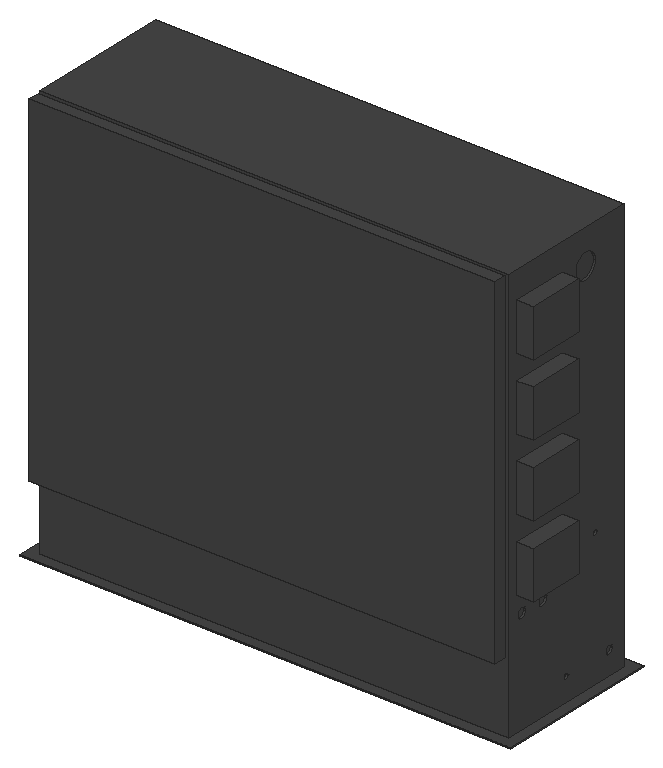
Revit family "SP4184W_Revit", category Mechanical Equipment, Revit 2014
Parameters (values of type "Standard")
  d99 = 0' - 1.45"
  d97 = 0' - 1.45"
  d95 = 0' - 1.45"
  d135 = 0' - 1"
  d133 = 1' - 1.815"
  d131 = 2' - 10.428"
  d129 = 0' - 0.2685"
  d127 = 0' - 0 1/4"
  d125 = 0' - 0 1/4"
  d123 = 0' - 0 1/4"
  d121 = 0' - 0 1/4"
  d119 = 0' - 0 1/4"
  d117 = 0' - 0 1/4"
  d115 = 0' - 0 1/4"
  d113 = 0' - 0 1/4"
  d111 = 0' - 0 1/4"
  d109 = 0' - 0 1/4"
  d107 = 0' - 0 1/4"
  d105 = 0' - 0 1/4"
  d103 = 0' - 0 1/4"
  d101 = 0' - 1.45"
  URL = "www.neptronic.com"
  Part Number = "SP4184W_Revit"
  Model = "SK340-W, SK360-W"
  Manufacturer = "Neptronic"
  Designer = "Antoine"
  Design Status = 1
  Description = "Electric Resistive Humidifier Weather proof"
  Date Created = "2014-06-26 08:33:09"
  Connector_9_Diameter = 0' - 0"
  Connector_8_Diameter = 0' - 0"
  Connector_3_Diameter = 0' - 0"
  Connector_2_Diameter = 0' - 0"
  Connector_1_Diameter = 0' - 0"
  Connector_13_Diameter = 0' - 0"
  Connector_12_Diameter = 0' - 0"
  Connector_11_Diameter = 0' - 0"
  Connector_10_Diameter = 0' - 0"
  Author = "Antoine"
Reference planes (in)
  plane 1 "Center (Front/Back)": y = 0
  plane 2: z = 0
  plane 3 "Center (Left/Right)": x = 0
  plane 4: y = -6.2905
  plane 5: y = -7.2905
  plane 6: y = -6.961
  plane 7: y = 6.854
  plane 8: z = -34.428
  plane 9: z = 0
  plane 10: y = -6.2905
  plane 11: y = -6.022
  plane 12: z = -34.489
  plane 13: z = -34.239
  plane 14: z = -34.489
  plane 15: z = -34.239
  plane 16: z = -34.489
  plane 17: z = -34.239
  plane 18: z = -34.489
  plane 19: z = -34.239
  plane 20: z = -34.489
  plane 21: z = -34.239
  plane 22: z = -34.489
  plane 23: z = -34.239
  plane 24: x = -13.937
  plane 25: x = -13.687
  plane 26: x = 24.937
  plane 27: x = 24.687
  plane 28: x = 24.937
  plane 29: x = 24.687
  plane 30: x = 24.937
  plane 31: x = 24.687
  plane 32: x = 24.937
  plane 33: x = 24.687
  plane 34: x = 24.937
  plane 35: x = 24.687
  plane 36: x = 24.937
  plane 37: x = 24.687
  plane 38: x = 24.937
  plane 39: x = 26.387
  plane 40: x = 24.937
  plane 41: x = 26.387
  plane 42: x = 24.937
  plane 43: x = 26.387
  plane 44: x = 24.937
  plane 45: x = 26.387
Forms (in)
  Extrusion 1, solid
    sketch origin (0, -6.2905, 0) x (-1, 0, 0) y (0, 0, 1)
      loop
        line (-24.846, -0.0185) -> (-24.846, -28.4255) -> (13.846, -28.4255) -> (13.846, -0.0185) -> (-24.846, -0.0185)
    from 0 to -1
  Extrusion 2, solid
    sketch origin (0, -6.961, 0) x (-1, 0, 0) y (0, 0, -1)
      loop
        line (14.876, 34.489) -> (-25.876, 34.489) -> (-25.876, 34.428) -> (14.876, 34.428) -> (14.876, 34.489)
    from 0 to -13.815
  Extrusion 3, solid
    sketch origin (0, 0, -34.428) x (-1, 0, 0) y (0, -1, 0)
      loop
        line (13.937, 6.022) -> (-24.937, 6.022) -> (-24.937, -5.9685) -> (13.937, -5.9685) -> (13.937, 6.022)
    from 0 to 34.428
  Extrusion 4, solid
    sketch origin (0, -6.2905, 0) x (-1, 0, 0) y (0, 0, 1)
      loop
        line (13.124, -27.676) -> (13.124, -0.813) -> (-24.124, -0.813) -> (-24.124, -27.676) -> (13.124, -27.676)
    from 0 to 0.2685
  Extrusion 5, void
    sketch origin (0, 0, -34.489) x (-1, 0, 0) y (0, -1, 0)
      loop
        circle (-18.8305, -2.1115) r 1.0625
    from 0 to 0.25
  Extrusion 6, void
    sketch origin (0, 0, -34.489) x (-1, 0, 0) y (0, -1, 0)
      loop
        circle (-19.93097, 4.40847) r 0.4375
    from 0 to 0.25
  Extrusion 7, void
    sketch origin (0, 0, -34.489) x (-1, 0, 0) y (0, -1, 0)
      loop
        circle (-12.107, -4.348) r 0.375
    from 0 to 0.25
  Extrusion 8, void
    sketch origin (0, 0, -34.489) x (-1, 0, 0) y (0, -1, 0)
      loop
        circle (-5.5, 0.0535) r 0.25
    from 0 to 0.25
  Extrusion 9, void
    sketch origin (0, 0, -34.489) x (-1, 0, 0) y (0, -1, 0)
      loop
        circle (-17.59528, 4.40847) r 0.4375
    from 0 to 0.25
  Extrusion 10, void
    sketch origin (0, 0, -34.489) x (-1, 0, 0) y (0, -1, 0)
      loop
        circle (-22.4475, -2.7772) r 0.25
    from 0 to 0.25
  Extrusion 11, void
    sketch origin (-13.937, 0, 0) x (0, -1, 0) y (0, 0, 1)
      loop
        circle (-1.9965, -2.868) r 1.0625
    from 0 to -0.25
  Extrusion 12, void
    sketch origin (24.937, 0, 0) x (0, -1, 0) y (0, 0, -1)
      loop
        circle (-2.9685, 23.1345) r 0.25
    from 0 to -0.25
  Extrusion 13, void
    sketch origin (24.937, 0, 0) x (0, -1, 0) y (0, 0, -1)
      loop
        circle (-4.415, 32.489) r 0.375
    from 0 to -0.25
  Extrusion 14, void
    sketch origin (24.937, 0, 0) x (0, -1, 0) y (0, 0, -1)
      loop
        circle (0.0535, 32.489) r 0.25
    from 0 to -0.25
  Extrusion 15, void
    sketch origin (24.937, 0, 0) x (0, -1, 0) y (0, 0, -1)
      loop
        circle (2.47946, 25.77801) r 0.4375
    from 0 to -0.25
  Extrusion 16, void
    sketch origin (24.937, 0, 0) x (0, -1, 0) y (0, 0, -1)
      loop
        circle (4.65246, 25.77801) r 0.4375
    from 0 to -0.25
  Extrusion 17, void
    sketch origin (24.937, 0, 0) x (0, -1, 0) y (0, 0, -1)
      loop
        circle (-1.9965, 2.868) r 1.0625
    from 0 to -0.25
  Extrusion 18, solid
    sketch origin (24.937, 0, 0) x (0, -1, 0) y (0, 0, -1)
      loop
        line (0.5185, 2.202) -> (5.2435, 2.202) -> (5.2435, 6.152) -> (0.5185, 6.152) -> (0.5185, 2.202)
    from 0 to 1.45
  Extrusion 19, solid
    sketch origin (24.937, 0, 0) x (0, -1, 0) y (0, 0, -1)
      loop
        line (0.5185, 20.202) -> (5.2435, 20.202) -> (5.2435, 24.152) -> (0.5185, 24.152) -> (0.5185, 20.202)
    from 0 to 1.45
  Extrusion 20, solid
    sketch origin (24.937, 0, 0) x (0, -1, 0) y (0, 0, -1)
      loop
        line (0.5185, 14.202) -> (5.2435, 14.202) -> (5.2435, 18.152) -> (0.5185, 18.152) -> (0.5185, 14.202)
    from 0 to 1.45
  Extrusion 21, solid
    sketch origin (24.937, 0, 0) x (0, -1, 0) y (0, 0, -1)
      loop
        line (0.5185, 8.202) -> (5.2435, 8.202) -> (5.2435, 12.152) -> (0.5185, 12.152) -> (0.5185, 8.202)
    from 0 to 1.45
Cuts and joins
  Extrusion 5, Extrusion 6, Extrusion 7, Extrusion 8, Extrusion 9, Extrusion 10, Extrusion 11, Extrusion 12, Extrusion 13, Extrusion 14, Extrusion 15, Extrusion 16, Extrusion 17 cuts Extrusion 1
  Extrusion 5, Extrusion 6, Extrusion 7, Extrusion 8, Extrusion 9, Extrusion 10, Extrusion 11, Extrusion 12, Extrusion 13, Extrusion 14, Extrusion 15, Extrusion 16, Extrusion 17 cuts Extrusion 2
  Extrusion 5, Extrusion 6, Extrusion 7, Extrusion 8, Extrusion 9, Extrusion 10, Extrusion 11, Extrusion 12, Extrusion 13, Extrusion 14, Extrusion 15, Extrusion 16, Extrusion 17 cuts Extrusion 3
  Extrusion 5, Extrusion 6, Extrusion 7, Extrusion 8, Extrusion 9, Extrusion 10, Extrusion 11, Extrusion 12, Extrusion 13, Extrusion 14, Extrusion 15, Extrusion 16, Extrusion 17 cuts Extrusion 4
  joined: Extrusion 1, Extrusion 2, Extrusion 3, Extrusion 4, Extrusion 18, Extrusion 19, Extrusion 20, Extrusion 21
Lines and regions (in)
  reference lines
    curve 1: line (24.846, -6.2905, -0.0185) -> (-13.846, -6.2905, -0.0185)
    curve 2: line (-13.846, -6.2905, -0.0185) -> (-13.846, -6.2905, -28.4255)
    curve 3: line (-13.846, -6.2905, -28.4255) -> (24.846, -6.2905, -28.4255)
    curve 4: line (24.846, -6.2905, -28.4255) -> (24.846, -6.2905, -0.0185)
    curve 5: line (-14.876, -6.961, -34.489) -> (25.876, -6.961, -34.489)
    curve 6: line (25.876, -6.961, -34.489) -> (25.876, -6.961, -34.428)
    curve 7: line (-14.876, -6.961, -34.428) -> (25.876, -6.961, -34.428)
    curve 8: line (-14.876, -6.961, -34.489) -> (-14.876, -6.961, -34.428)
    curve 9: line (-13.937, -6.022, -34.428) -> (-13.937, 5.9685, -34.428)
    curve 10: line (-13.937, 5.9685, -34.428) -> (24.937, 5.9685, -34.428)
    curve 11: line (24.937, 5.9685, -34.428) -> (24.937, -6.022, -34.428)
    curve 12: line (24.937, -6.022, -34.428) -> (-13.937, -6.022, -34.428)
    curve 13: line (-13.124, -6.2905, -27.676) -> (24.124, -6.2905, -27.676)
    curve 14: line (24.124, -6.2905, -27.676) -> (24.124, -6.2905, -0.813)
    curve 15: line (24.124, -6.2905, -0.813) -> (-13.124, -6.2905, -0.813)
    curve 16: line (-13.124, -6.2905, -0.813) -> (-13.124, -6.2905, -27.676)
    curve 17: circle (18.8305, 2.1115, -34.489) r 1.0625 normal (0, 0, 1)
    curve 18: circle (19.93097, -4.40847, -34.489) r 0.4375 normal (0, 0, 1)
    curve 19: circle (12.107, 4.348, -34.489) r 0.375 normal (0, 0, 1)
    curve 20: circle (5.5, -0.0535, -34.489) r 0.25 normal (0, 0, 1)
    curve 21: circle (17.59528, -4.40847, -34.489) r 0.4375 normal (0, 0, 1)
    curve 22: circle (22.4475, 2.7772, -34.489) r 0.25 normal (0, 0, 1)
    curve 23: circle (-13.937, 1.9965, -2.868) r 1.0625 normal (-1, 0, 0)
    curve 24: circle (24.937, 2.9685, -23.1345) r 0.25 normal (1, 0, 0)
    curve 25: circle (24.937, 4.415, -32.489) r 0.375 normal (1, 0, 0)
    curve 26: circle (24.937, -0.0535, -32.489) r 0.25 normal (1, 0, 0)
    curve 27: circle (24.937, -2.47946, -25.77801) r 0.4375 normal (1, 0, 0)
    curve 28: circle (24.937, -4.65246, -25.77801) r 0.4375 normal (1, 0, 0)
    curve 29: circle (24.937, 1.9965, -2.868) r 1.0625 normal (1, 0, 0)
    curve 30: line (24.937, -0.5185, -2.202) -> (24.937, -0.5185, -6.152)
    curve 31: line (24.937, -0.5185, -6.152) -> (24.937, -5.2435, -6.152)
    curve 32: line (24.937, -5.2435, -6.152) -> (24.937, -5.2435, -2.202)
    curve 33: line (24.937, -5.2435, -2.202) -> (24.937, -0.5185, -2.202)
    curve 34: line (24.937, -0.5185, -20.202) -> (24.937, -0.5185, -24.152)
    curve 35: line (24.937, -0.5185, -24.152) -> (24.937, -5.2435, -24.152)
    curve 36: line (24.937, -5.2435, -24.152) -> (24.937, -5.2435, -20.202)
    curve 37: line (24.937, -5.2435, -20.202) -> (24.937, -0.5185, -20.202)
    curve 38: line (24.937, -0.5185, -14.202) -> (24.937, -0.5185, -18.152)
    curve 39: line (24.937, -0.5185, -18.152) -> (24.937, -5.2435, -18.152)
    curve 40: line (24.937, -5.2435, -18.152) -> (24.937, -5.2435, -14.202)
    curve 41: line (24.937, -5.2435, -14.202) -> (24.937, -0.5185, -14.202)
    curve 42: line (24.937, -0.5185, -8.202) -> (24.937, -0.5185, -12.152)
    curve 43: line (24.937, -0.5185, -12.152) -> (24.937, -5.2435, -12.152)
    curve 44: line (24.937, -5.2435, -12.152) -> (24.937, -5.2435, -8.202)
    curve 45: line (24.937, -5.2435, -8.202) -> (24.937, -0.5185, -8.202)
Dimensions and locks (in)
  "d135": plane 5 to plane 4
  "d133": plane 7 to plane 6
  "d131": plane 8 to plane 9
  "d129": plane 10 to plane 11
  "d127": plane 12 to plane 13
  "d125": plane 14 to plane 15
  "d123": plane 16 to plane 17
  "d121": plane 18 to plane 19
  "d119": plane 20 to plane 21
  "d117": plane 22 to plane 23
  "d115": plane 25 to plane 24
  "d113": plane 27 to plane 26
  "d111": plane 29 to plane 28
  "d109": plane 31 to plane 30
  "d107": plane 33 to plane 32
  "d105": plane 35 to plane 34
  "d103": plane 37 to plane 36
  "d101": plane 38 to plane 39
  "d99": plane 40 to plane 41
  "d97": plane 42 to plane 43
  "d95": plane 44 to plane 45
  aligned and locked: plane 2 to level
  aligned and locked: Extrusion 1 to plane 5
  aligned and locked: plane 4 to Extrusion 1
  aligned and locked: Extrusion 1 sketch curve to curve 1
  aligned and locked: Extrusion 1 sketch curve to curve 2
  aligned and locked: Extrusion 1 sketch curve to curve 3
  aligned and locked: Extrusion 1 sketch curve to curve 4
  aligned and locked: Extrusion 2 to plane 7
  aligned and locked: Extrusion 2 to plane 6
  aligned and locked: Extrusion 2 sketch curve to curve 5
  aligned and locked: Extrusion 2 sketch curve to curve 6
  aligned and locked: Extrusion 2 sketch curve to curve 7
  aligned and locked: Extrusion 2 sketch curve to curve 8
  aligned and locked: Extrusion 3 to plane 9
  aligned and locked: Extrusion 3 to plane 8
  aligned and locked: Extrusion 3 sketch curve to curve 9
  aligned and locked: Extrusion 3 sketch curve to curve 10
  aligned and locked: Extrusion 3 sketch curve to curve 11
  aligned and locked: Extrusion 3 sketch curve to curve 12
  aligned and locked: plane 11 to Extrusion 4
  aligned and locked: Extrusion 4 to plane 10
  aligned and locked: Extrusion 4 sketch curve to curve 13
  aligned and locked: Extrusion 4 sketch curve to curve 14
  aligned and locked: Extrusion 4 sketch curve to curve 15
  aligned and locked: Extrusion 4 sketch curve to curve 16
  aligned and locked: Extrusion 5 to plane 13
  aligned and locked: Extrusion 5 to plane 12
  aligned and locked: Extrusion 5 sketch curve to curve 17  (x2)
  aligned and locked: Extrusion 6 to plane 15
  aligned and locked: Extrusion 6 to plane 14
  aligned and locked: Extrusion 6 sketch curve to curve 18  (x2)
  aligned and locked: Extrusion 7 to plane 17
  aligned and locked: Extrusion 7 to plane 16
  aligned and locked: Extrusion 7 sketch curve to curve 19  (x2)
  aligned and locked: Extrusion 8 to plane 19
  aligned and locked: Extrusion 8 to plane 18
  aligned and locked: Extrusion 8 sketch curve to curve 20  (x2)
  aligned and locked: Extrusion 9 to plane 21
  aligned and locked: Extrusion 9 to plane 20
  aligned and locked: Extrusion 9 sketch curve to curve 21  (x2)
  aligned and locked: Extrusion 10 to plane 23
  aligned and locked: Extrusion 10 to plane 22
  aligned and locked: Extrusion 10 sketch curve to curve 22  (x2)
  aligned and locked: Extrusion 11 to plane 25
  aligned and locked: plane 24 to Extrusion 11
  aligned and locked: Extrusion 11 sketch curve to curve 23  (x2)
  aligned and locked: Extrusion 12 to plane 27
  aligned and locked: plane 26 to Extrusion 12
  aligned and locked: Extrusion 12 sketch curve to curve 24  (x2)
  aligned and locked: Extrusion 13 to plane 29
  aligned and locked: plane 28 to Extrusion 13
  aligned and locked: Extrusion 13 sketch curve to curve 25  (x2)
  aligned and locked: Extrusion 14 to plane 31
  aligned and locked: plane 30 to Extrusion 14
  aligned and locked: Extrusion 14 sketch curve to curve 26  (x2)
  aligned and locked: Extrusion 15 to plane 33
  aligned and locked: plane 32 to Extrusion 15
  aligned and locked: Extrusion 15 sketch curve to curve 27  (x2)
  aligned and locked: Extrusion 16 to plane 35
  aligned and locked: plane 34 to Extrusion 16
  aligned and locked: Extrusion 16 sketch curve to curve 28  (x2)
  aligned and locked: Extrusion 17 to plane 37
  aligned and locked: plane 36 to Extrusion 17
  aligned and locked: Extrusion 17 sketch curve to curve 29  (x2)
  aligned and locked: plane 39 to Extrusion 18
  aligned and locked: Extrusion 18 to plane 38
  aligned and locked: Extrusion 18 sketch curve to curve 30
  aligned and locked: Extrusion 18 sketch curve to curve 31
  aligned and locked: Extrusion 18 sketch curve to curve 32
  aligned and locked: Extrusion 18 sketch curve to curve 33
  aligned and locked: plane 41 to Extrusion 19
  aligned and locked: Extrusion 19 to plane 40
  aligned and locked: Extrusion 19 sketch curve to curve 34
  aligned and locked: Extrusion 19 sketch curve to curve 35
  aligned and locked: Extrusion 19 sketch curve to curve 36
  aligned and locked: Extrusion 19 sketch curve to curve 37
  aligned and locked: plane 43 to Extrusion 20
  aligned and locked: Extrusion 20 to plane 42
  aligned and locked: Extrusion 20 sketch curve to curve 38
  aligned and locked: Extrusion 20 sketch curve to curve 39
  aligned and locked: Extrusion 20 sketch curve to curve 40
  aligned and locked: Extrusion 20 sketch curve to curve 41
  aligned and locked: plane 45 to Extrusion 21
  aligned and locked: Extrusion 21 to plane 44
  aligned and locked: Extrusion 21 sketch curve to curve 42
  aligned and locked: Extrusion 21 sketch curve to curve 43
  aligned and locked: Extrusion 21 sketch curve to curve 44
  aligned and locked: Extrusion 21 sketch curve to curve 45
Connectors (in)
  hvac at (24.937, 1.9965, -2.868), driven by "Connector_1_Diameter"
    settings: on cut or joined group 1 (Extrusion 1, Extrusion 2, Extrusion 3, Extrusion 4, Extrusion 5, Extrusion 6, Extrusion 7, Extrusion 8, Extrusion 9, Extrusion 10, Extrusion 11, Extrusion 12, Extrusion 13, Extrusion 14, Extrusion 15, Extrusion 16, Extrusion 17, Extrusion 18, Extrusion 19, Extrusion 20, Extrusion 21), index 1, duct flow 0 CFM, flow factor 0, pres drop 0.00 in-wg, loss coef 0, conn angle 0.00°, conn width 12", conn height 12", conn diameter 0", duct sys type 1, conn prof type 0, flow config 1, flow direction 2, loss method 0, conn ref index -1, conn util no, is conn primary yes, conn desc "Steam Outlet 2 1/8'' (STD)"
  hvac at (-13.937, 1.9965, -2.868), driven by "Connector_2_Diameter"
    settings: on cut or joined group 1, index 2, duct flow 0 CFM, flow factor 0, pres drop 0.00 in-wg, loss coef 0, conn angle 0.00°, conn width 12", conn height 12", conn diameter 0", duct sys type 1, conn prof type 0, flow config 1, flow direction 2, loss method 0, conn ref index -1, conn util no, is conn primary no, conn desc "Steam Outlet 2 1/8'' (Option)"
  hvac at (18.8305, 2.1115, -34.489), driven by "Connector_3_Diameter"
    settings: on cut or joined group 1, index 3, duct flow 0 CFM, flow factor 0, pres drop 0.00 in-wg, loss coef 0, conn angle 0.00°, conn width 12", conn height 12", conn diameter 0", duct sys type 1, conn prof type 0, flow config 1, flow direction 2, loss method 0, conn ref index -1, conn util no, is conn primary no, conn desc "Steam Outlet 2 1/8'' (Roofcurb option)"
  electrical at (24.937, -4.65246, -25.77801)
    settings: on cut or joined group 1, index 4, voltage 0 V, apparent load 0 VA, apparent load phase1 0 VA, apparent load phase2 0 VA, apparent load phase3 0 VA, power factor 1, load classification "Other", number of poles 1, system type 13, power factor state 1, is connector primary yes, connector utility no, sub classification motor no, connector description "Low Voltage control intlet 7/8'' (KO)"
  electrical at (24.937, -2.47946, -25.77801)
    settings: on cut or joined group 1, index 5, voltage 0 V, apparent load 0 VA, apparent load phase1 0 VA, apparent load phase2 0 VA, apparent load phase3 0 VA, power factor 0, load classification "Other", number of poles 1, system type 30, power factor state 1, is connector primary no, connector utility no, sub classification motor no, connector description "Power supply inlet 7/8'' (KO)"
  electrical at (17.59528, -4.40847, -34.489)
    settings: on cut or joined group 1, index 6, voltage 0 V, apparent load 0 VA, apparent load phase1 0 VA, apparent load phase2 0 VA, apparent load phase3 0 VA, power factor 1, load classification "Other", number of poles 1, system type 13, power factor state 1, is connector primary no, connector utility no, sub classification motor no, connector description "Low Voltage control inlet 7/8\" (KO) (Roofcurb option)"
  electrical at (19.93097, -4.40847, -34.489)
    settings: on cut or joined group 1, index 7, voltage 0 V, apparent load 0 VA, apparent load phase1 0 VA, apparent load phase2 0 VA, apparent load phase3 0 VA, power factor 0, load classification "Other", number of poles 1, system type 30, power factor state 1, is connector primary no, connector utility no, sub classification motor no, connector description "Power Supply Inlet 7/8\" (KO) (Roofcurb option)"
  piping at (22.4475, 2.7772, -34.489), driven by "Connector_8_Diameter"
    settings: on cut or joined group 1, index 8, connector diameter 0", connector inside diameter 24", connector length 0' - 0", flow factor 0, pipe flow 0 GPM, pressure drop 0.00 psi, fitting loss kfactor 0, connector angle 0.00°, fixture units 0, engagement length 0' - 0", angle of deflection 0.00°, flow configuration 1, flow direction 1, fitting loss method 0, system type 20, joint type 0, gender type 0, connector reference index -1, connector utility 0, adjustable connector no, is connector primary yes, connector description "Water Inlet 1/2\" NPT (Roofcurb option)"
  piping at (12.107, 4.348, -34.489), driven by "Connector_9_Diameter"
    settings: on cut or joined group 1, index 9, connector diameter 0", connector inside diameter 24", connector length 0' - 0", flow factor 0, pipe flow 0 GPM, pressure drop 0.00 psi, fitting loss kfactor 0, connector angle 0.00°, fixture units 0, engagement length 0' - 0", angle of deflection 0.00°, flow configuration 1, flow direction 2, fitting loss method 0, system type 16, joint type 0, gender type 0, connector reference index -1, connector utility 0, adjustable connector no, is connector primary no, connector description "Main Drain 3/4\" (Roofcurb Option)"
  piping at (5.5, -0.0535, -34.489), driven by "Connector_10_Diameter"
    settings: on cut or joined group 1, index 10, connector diameter 0", connector inside diameter 24", connector length 0' - 0", flow factor 0, pipe flow 0 GPM, pressure drop 0.00 psi, fitting loss kfactor 0, connector angle 0.00°, fixture units 0, engagement length 0' - 0", angle of deflection 0.00°, flow configuration 1, flow direction 1, fitting loss method 0, system type 16, joint type 0, gender type 0, connector reference index -1, connector utility 0, adjustable connector no, is connector primary no, connector description "Pan drip drain 1/2\" (Roofcurb option)"
  piping at (24.937, 2.9685, -23.1345), driven by "Connector_11_Diameter"
    settings: on cut or joined group 1, index 11, connector diameter 0", connector inside diameter 24", connector length 0' - 0", flow factor 0, pipe flow 0 GPM, pressure drop 0.00 psi, fitting loss kfactor 0, connector angle 0.00°, fixture units 0, engagement length 0' - 0", angle of deflection 0.00°, flow configuration 1, flow direction 1, fitting loss method 0, system type 20, joint type 0, gender type 0, connector reference index -1, connector utility 0, adjustable connector no, is connector primary no, connector description "Water Inlet 1/2\" Male NPT (STD)"
  piping at (24.937, -0.0535, -32.489), driven by "Connector_12_Diameter"
    settings: on cut or joined group 1, index 12, connector diameter 0", connector inside diameter 24", connector length 0' - 0", flow factor 0, pipe flow 0 GPM, pressure drop 0.00 psi, fitting loss kfactor 0, connector angle 0.00°, fixture units 0, engagement length 0' - 0", angle of deflection 0.00°, flow configuration 1, flow direction 2, fitting loss method 0, system type 16, joint type 0, gender type 0, connector reference index -1, connector utility 0, adjustable connector no, is connector primary no, connector description "Pan drip drain 1/2\" (STD)"
  piping at (24.937, 4.415, -32.489), driven by "Connector_13_Diameter"
    settings: on cut or joined group 1, index 13, connector diameter 0", connector inside diameter 24", connector length 0' - 0", flow factor 0, pipe flow 0 GPM, pressure drop 0.00 psi, fitting loss kfactor 0, connector angle 0.00°, fixture units 0, engagement length 0' - 0", angle of deflection 0.00°, flow configuration 1, flow direction 2, fitting loss method 0, system type 16, joint type 0, gender type 0, connector reference index -1, connector utility 0, adjustable connector no, is connector primary no, connector description "Main drain 3/4\" (STD)"
